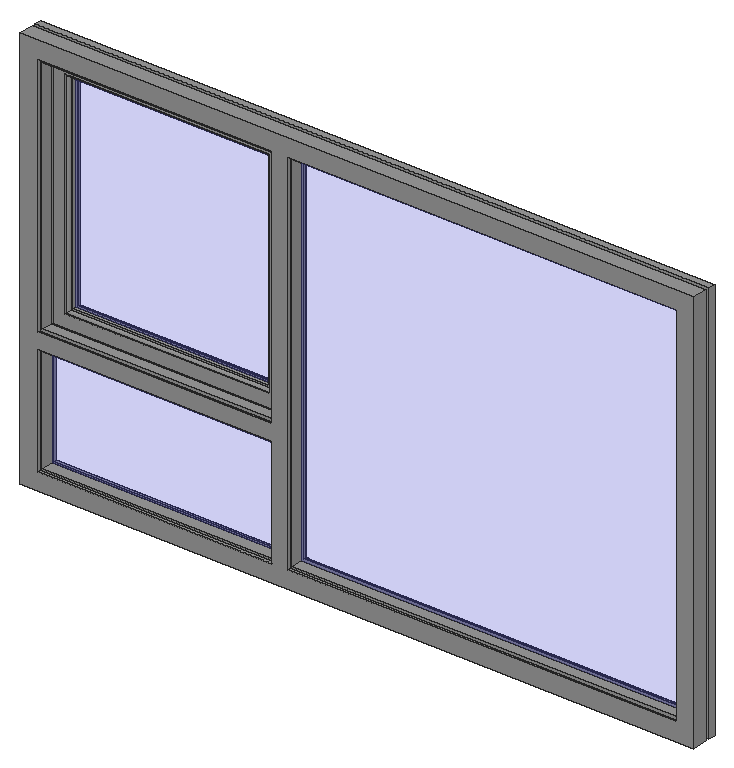
Revit family "MF15 RH", category Windows, host Wall, Revit 2015
Parameters (values of type "MF15 RH")
  Sash Width = 600 mm
  Sash Height = 622 mm
  Height = 900 mm
  Default Lintel Height = 2100 mm
  Wall Closure = By host
  Width = 1500 mm
Reference planes
  plane 1 "Center (Front/Back)": y = 0
  plane 2 "Center (Left/Right)": x = 0
  plane 3 "Left": x = -750
  plane 4 "Right": x = 750
  plane 5 "Sill": z = 1200
  plane 6 "Head": z = 2100
  plane 7 "Exterior": y = 100
  plane 8 "Interior": y = -100
  plane 9: y = -28.5
  plane 10: y = 23.5
  plane 11: z = 1478
  plane 12: x = -150
Forms (mm)
  Sweep 1, solid, material "Lauan, Meranti"
    path origin (0, 100, 0) x (1, 0, 0) y (0, 0, 1)
      loop
        line (750, 2100) -> (-750, 2100) -> (-750, 1200) -> (750, 1200) -> (750, 2100)
    profile origin (0, 100, 2100) x (0, 0, -1) y (0, -1, 0)
      loop
        line (0, 71.5) -> (29, 71.5) -> (29, 96.5) -> (37.5, 96.5) -> (37.5, 102.5) -> (40.5, 102.5) -> (40.5, 96.5) -> (44, 96.5) -> (44, 122.5) -> (39, 122.5) -> (39, 128.5) -> (0, 128.5) -> (0, 94.5) -> (10, 94.5) -> (10, 86.5) -> (0, 86.5) -> (0, 71.5)
  Extrusion 2, solid, material "Glass"
    sketch origin (10500, 3.5, 2100) x (0, 0, -1) y (-1, 0, 0)
      loop
        line (29, 10665) -> (29, 9779) -> (871, 9779) -> (871, 10665) -> (29, 10665)
    from 0 to 6.4
  Sweep 3, solid, material "Lauan, Meranti"
    path origin (10500, 23.5, 2100) x (0, 0, -1) y (-1, 0, 0)
      loop
        line (29, 10665) -> (29, 9779) -> (871, 9779) -> (871, 10665) -> (29, 10665)
    profile origin (278, 23.5, 2071) x (0, 0, -1) y (0, 1, 0)
      loop
        line (0, 1.4) -> (0, -13.6) -> (15, -13.6) -> (15, -8.6) -> (13, -8.6)
        arc (13, -8.6) -> (10.071, -1.529) -> (3, 1.4) r 10
        line (3, 1.4) -> (0, 1.4)
  Extrusion 4, solid, material "Lauan, Meranti"
    sketch origin (-208, 0, 1117) x (0, -1, 0) y (0, 0, -1)
      loop
        line (28.5, -366) -> (22.5, -366) -> (22.5, -361) -> (-3.5, -361) -> (-3.5, -364.5) -> (2.5, -364.5) -> (2.5, -367.5) -> (-3.5, -367.5) -> (-3.5, -376) -> (-28.5, -376) -> (-28.5, -390) -> (-3.5, -390) -> (-3.5, -398.5) -> (2.5, -398.5) -> (2.5, -401.5) -> (-3.5, -401.5) -> (-3.5, -405) -> (22.5, -405) -> (22.5, -400) -> (28.5, -400) -> (28.5, -366)
    from -513 to 29
  Extrusion 5, solid, material "Lauan, Meranti"
    sketch origin (-172, 0, 0) x (1, 0, 0) y (0, 1, 0)
      loop
        line (22, -22.5) -> (22, 3.5) -> (18.5, 3.5) -> (18.5, -2.5) -> (15.5, -2.5) -> (15.5, 3.5) -> (7, 3.5) -> (7, 28.5) -> (-7, 28.5) -> (-7, 3.5) -> (-15.5, 3.5) -> (-15.5, -2.5) -> (-18.5, -2.5) -> (-18.5, 3.5) -> (-22, 3.5) -> (-22, -22.5) -> (-17, -22.5) -> (-17, -28.5) -> (17, -28.5) -> (17, -22.5) -> (22, -22.5)
    from 1229 to 2071
  Extrusion 6, solid, material "Glass"
    sketch origin (10500, 3.5, 2100) x (0, 0, -1) y (-1, 0, 0)
      loop
        line (607, 11221) -> (607, 10679) -> (871, 10679) -> (871, 11221) -> (607, 11221)
    from 0 to 6.4
  Sweep 7, solid, material "Lauan, Meranti"
    path origin (10500, 23.5, 2100) x (0, 0, -1) y (-1, 0, 0)
      loop
        line (607, 11221) -> (607, 10679) -> (871, 10679) -> (871, 11221) -> (607, 11221)
    profile origin (-450, 23.5, 1493) x (0, 0, -1) y (0, 1, 0)
      loop
        line (3, 1.4) -> (0, 1.4) -> (0, -13.6) -> (15, -13.6) -> (15, -8.6) -> (13, -8.6)
        arc (13, -8.6) -> (10.071, -1.529) -> (3, 1.4) r 10
  Sweep 8, solid, material "Rubber"
    path origin (10500, 23.5, 2100) x (0, 0, -1) y (-1, 0, 0)
      loop
        line (29, 11221) -> (29, 10679) -> (593, 10679) -> (593, 11221) -> (29, 11221)
    profile origin (-450, 23.5, 2071) x (0, 0, -1) y (0, 1, 0)
      loop
        line (9, -22.43) -> (8, -22.43) -> (9, -22.698) -> (9, -24.464) -> (8, -24.464) -> (10, -25) -> (12, -24.464) -> (11, -24.464) -> (11, -22.698) -> (12, -22.43) -> (11, -22.43) -> (11, -20) -> (15, -20) -> (15, -17) -> (10, -15) -> (5, -17) -> (5, -20) -> (9, -20) -> (9, -22.43)
  Sweep 9, solid, material "Lauan, Meranti"
    path origin (10500, 23.5, 2100) x (0, 0, -1) y (-1, 0, 0)
      loop
        line (29, 11221) -> (29, 10679) -> (593, 10679) -> (593, 11221) -> (29, 11221)
    profile origin (-450, 23.5, 2071) x (0, 0, -1) y (0, 1, 0)
      loop
        line (-5, 5) -> (12, 5) -> (12, -2) -> (14, -2.536) -> (14, -7.464) -> (12, -8) -> (12, -13) -> (10, -13) -> (10, -17) -> (43, -17) -> (43, -14)
        arc (43, -14) -> (47.243, -12.243) -> (49, -8) r 6
        line (49, -8) -> (52, -8) -> (52, 0) -> (43, 0) -> (43, 25) -> (1, 25)
        arc (1, 25) -> (-3.242, 23.243) -> (-5, 19) r 6
        line (-5, 19) -> (-5, 5)
  Extrusion 10, solid, material "Glass"
    sketch origin (10500, 23.5, 2100) x (0, 0, -1) y (-1, 0, 0)
      loop
        line (72, 11178) -> (72, 10722) -> (550, 10722) -> (550, 11178) -> (72, 11178)
    from 0 to 6.4
  Sweep 11, solid, material "Lauan, Meranti"
    path origin (0, 100, 0) x (-1, 0, 0) y (0, 0, -1)
      loop
        line (678, -2028) -> (678, -1550) -> (222, -1550) -> (222, -2028) -> (678, -2028)
    profile origin (-450, 100, 2028) x (0, 0, 1) y (0, -1, 0)
      loop
        line (0, 62.1) -> (0, 70.1) -> (-9, 70.1) -> (-9, 68.1) -> (-7, 68.1)
        arc (-7, 68.1) -> (-4.67, 63.734) -> (0, 62.1) r 6.807
Cuts and joins
  joined: Sweep 1, Extrusion 4, Extrusion 5
Lines and regions (mm)
  Opening 1
    outline origin (3500, -100, 0) x (1, 0, 0) y (0, 0, 1)
      loop
        line (-2750, 1200) -> (-2750, 2100) -> (-4250, 2100) -> (-4250, 1200) -> (-2750, 1200)
  model lines
    curve 1: line (-726, 48.5, 2076) -> (-450, 48.5, 1502)
    curve 2: line (-450, 48.5, 1502) -> (-173.918, 48.5, 2076.08)
Text (mm)
  text "EXTERIOR" at (-1963.203, 1332.353, 0), in view "Ref. Level"
  text "INTERIOR" at (-1981.466, -818.386, 0), in view "Ref. Level"
  text "Exterior" at (0, 923.751, 2943.296), in view "Right"
  text "Exterior" at (0, 1040.484, 2685.409), in view "Left"
Dimensions and locks
  equal spacing: plane 3 "Left", plane 2 "Center (Left/Right)", plane 4 "Right"
  "Width": plane 3 "Left" to plane 4 "Right"
  "Height": plane 5 "Sill" to plane 6 "Head"
  "Default Lintel Height": plane 6 "Head" to level
  locked: plane 7 "Exterior" to host wall at 0
  locked: plane 8 "Interior" to host wall
  locked: plane 10 to plane 9 at 52
  "Sash Height": plane 11 to plane 6 "Head"
  "Sash Width": plane 12 to plane 3 "Left"
  aligned and locked: Sweep 1 sketch curve to host wall  (x4)
  aligned and locked: Sweep 3 sketch curve to Extrusion 2
  aligned and locked: Extrusion 5 to Extrusion 4
  aligned and locked: Sweep 7 sketch curve to Extrusion 4
  aligned and locked: Sweep 7 sketch curve to Extrusion 6
  aligned and locked: Sweep 7 sketch curve to Extrusion 5
  aligned and locked: Extrusion 4 to Sweep 7 sketch curve
  aligned and locked: Sweep 8 sketch curve to Extrusion 5
  aligned and locked: Extrusion 4 to Sweep 8 sketch curve
  aligned and locked: Sweep 9 to Extrusion 10 sketch curve  (x2)
  aligned and locked: Extrusion 10 sketch curve to Sweep 9  (x2)
  aligned and locked: Sweep 11 sketch curve to Sweep 9  (x4)
  aligned and locked: Sweep 9 sketch curve to Extrusion 5
  aligned and locked: Extrusion 4 to Sweep 9 sketch curve
Automatic sketch dimensions
  plane 3 "Left" to Opening 1 sketch curve = 0 mm
  plane 4 "Right" to Opening 1 sketch curve = 0 mm
  Opening 1 sketch curve to plane 5 "Sill" = 0 mm
  Opening 1 sketch curve to plane 6 "Head" = 0 mm
  Sweep 1 sketch curve to profile plane = 0 mm  (x2)
  Sweep 1 sketch curve to profile plane = 10 mm
  Sweep 1 sketch curve to Sweep 1 sketch curve = 19 mm
  Sweep 1 sketch curve to Sweep 1 sketch curve = 8.5 mm
  Sweep 1 sketch curve to Sweep 1 sketch curve = 1.5 mm
  Sweep 1 sketch curve to Sweep 1 sketch curve = 3 mm
  Sweep 1 sketch curve to Sweep 1 sketch curve = 3.5 mm
  plane 7 "Exterior" to Sweep 1 sketch curve = 71.5 mm
  Sweep 1 sketch curve to Sweep 1 sketch curve = 15 mm
  Sweep 1 sketch curve to Sweep 1 sketch curve = 8 mm
  Sweep 1 sketch curve to Sweep 1 sketch curve = 25 mm
  Sweep 1 sketch curve to Sweep 1 sketch curve = 0 mm
  Sweep 1 sketch curve to Sweep 1 sketch curve = 6 mm
  Sweep 1 sketch curve to Sweep 1 sketch curve = 20 mm
  Sweep 1 sketch curve to Sweep 1 sketch curve = 34 mm
  curve 2 to plane 11 = 24 mm
  curve 2 to plane 3 "Left" = 300 mm
  curve 1 to plane 3 "Left" = 24 mm
  curve 2 to plane 12 = 23.918 mm
  plane 6 "Head" to curve 1 = 24 mm
  plane 6 "Head" to curve 2 = 23.92 mm
  plane 6 "Head" to Extrusion 2 sketch curve = 29 mm
  Extrusion 2 sketch curve to plane 5 "Sill" = 29 mm
  plane 4 "Right" to Extrusion 2 sketch curve = 29 mm
  Extrusion 2 sketch curve to plane 12 = 15 mm
  Sweep 3 sketch curve to plane 5 "Sill" = 29 mm
  plane 4 "Right" to Sweep 3 sketch curve = 29 mm
  Sweep 3 sketch curve to plane 12 = 15 mm
  Sweep 3 sketch curve to profile plane = 0 mm
  profile plane to Sweep 3 sketch curve = 1.4 mm
  Sweep 3 sketch curve to Sweep 3 sketch curve = 3 mm
  Sweep 3 sketch curve to profile plane = 8.6 mm
  Sweep 3 sketch curve to Sweep 3 sketch curve = 2 mm
  Sweep 3 sketch curve to Sweep 3 sketch curve = 5 mm
  plane 11 to Extrusion 4 sketch curve = 0 mm
  Extrusion 4 sketch curve to plane 9 = 0 mm
  plane 9 to Extrusion 4 sketch curve = 6 mm  (x2)
  host wall to Extrusion 4 sketch curve = 2.5 mm  (x2)
  Extrusion 4 sketch curve to host wall = 3.5 mm  (x3)
  Extrusion 4 sketch curve to Extrusion 4 sketch curve = 0 mm
  plane 10 to Extrusion 4 sketch curve = 5 mm
  Extrusion 4 sketch curve to plane 11 = 3.5 mm
  Extrusion 4 sketch curve to plane 11 = 5 mm
  Extrusion 4 sketch curve to Extrusion 4 sketch curve = 3 mm  (x2)
  Extrusion 4 sketch curve to Extrusion 4 sketch curve = 8.5 mm  (x2)
  Extrusion 4 sketch curve to Extrusion 4 sketch curve = 14 mm
  Extrusion 4 sketch curve to Extrusion 4 sketch curve = 1.5 mm
  Extrusion 4 sketch curve to Extrusion 4 sketch curve = 5 mm
  Extrusion 5 sketch curve to plane 9 = 0 mm
  Extrusion 5 sketch curve to plane 12 = 0 mm
  Extrusion 5 sketch curve to plane 12 = 3.5 mm
  Extrusion 5 sketch curve to Extrusion 5 sketch curve = 5 mm
  Extrusion 5 sketch curve to Extrusion 5 sketch curve = 3 mm  (x2)
  plane 10 to Extrusion 5 sketch curve = 5 mm
  Extrusion 5 sketch curve to plane 12 = 15 mm
  Extrusion 5 sketch curve to Extrusion 5 sketch curve = 14 mm
  host wall to Extrusion 5 sketch curve = 2.5 mm  (x2)
  Extrusion 5 sketch curve to Extrusion 5 sketch curve = 8.5 mm
  Extrusion 5 sketch curve to Extrusion 5 sketch curve = 1.5 mm
  Extrusion 5 sketch curve to Extrusion 5 sketch curve = 3.5 mm
  plane 9 to Extrusion 5 sketch curve = 6 mm  (x2)
  Extrusion 5 sketch curve to host wall = 3.5 mm  (x3)
  Extrusion 5 sketch curve to Extrusion 5 sketch curve = 0 mm
  Extrusion 6 sketch curve to plane 11 = 15 mm
  Extrusion 6 sketch curve to plane 5 "Sill" = 29 mm
  Extrusion 6 sketch curve to plane 12 = 29 mm
  Extrusion 6 sketch curve to plane 3 "Left" = 29 mm
  Sweep 7 sketch curve to profile plane = 0 mm
  profile plane to Sweep 7 sketch curve = 1.4 mm
  Sweep 7 sketch curve to Sweep 7 sketch curve = 3 mm
  Sweep 7 sketch curve to profile plane = 8.6 mm
  Sweep 7 sketch curve to Sweep 7 sketch curve = 2 mm
  Sweep 7 sketch curve to Sweep 7 sketch curve = 5 mm
  plane 6 "Head" to Sweep 8 sketch curve = 29 mm
  Sweep 8 sketch curve to plane 3 "Left" = 29 mm
  Sweep 8 sketch curve to profile plane = 5 mm
  Sweep 8 sketch curve to Sweep 8 sketch curve = 3 mm  (x4)
  Sweep 8 sketch curve to Sweep 8 sketch curve = 0 mm  (x4)
  Sweep 8 sketch curve to Sweep 8 sketch curve = 1 mm  (x6)
  Sweep 8 sketch curve to profile plane = 25 mm
  Sweep 8 sketch curve to Sweep 8 sketch curve = 0.536 mm  (x2)
  Sweep 8 sketch curve to Sweep 8 sketch curve = 1.766 mm  (x2)
  Sweep 8 sketch curve to Sweep 8 sketch curve = 0.268 mm  (x2)
  Sweep 8 sketch curve to Sweep 8 sketch curve = 2.43 mm
  Sweep 8 sketch curve to Sweep 8 sketch curve = 5 mm
  plane 6 "Head" to Sweep 9 sketch curve = 29 mm
  Sweep 9 sketch curve to plane 3 "Left" = 29 mm
  Sweep 9 sketch curve to profile plane = 0 mm
  profile plane to Sweep 9 sketch curve = 5 mm  (x2)
  Sweep 9 sketch curve to profile plane = 1 mm
  Sweep 9 sketch curve to profile plane = 10 mm
  Sweep 9 sketch curve to profile plane = 2 mm
  Sweep 9 sketch curve to Sweep 9 sketch curve = 2 mm  (x3)
  Sweep 9 sketch curve to profile plane = 14 mm
  Sweep 9 sketch curve to Sweep 9 sketch curve = 29 mm
  Sweep 9 sketch curve to Sweep 9 sketch curve = 0 mm
  Sweep 9 sketch curve to Sweep 9 sketch curve = 6 mm
  Sweep 9 sketch curve to Sweep 9 sketch curve = 3 mm  (x2)
  Sweep 9 sketch curve to Sweep 9 sketch curve = 4 mm
  Sweep 9 sketch curve to Sweep 9 sketch curve = 5 mm
  Sweep 9 sketch curve to Sweep 9 sketch curve = 0.536 mm  (x2)
  Sweep 9 sketch curve to Sweep 9 sketch curve = 14 mm
  profile plane to Sweep 11 sketch curve = 0 mm
  profile plane to Sweep 11 sketch curve = 0.241 mm
  Sweep 11 sketch curve to Sweep 11 sketch curve = 6.759 mm
  Sweep 11 sketch curve to Sweep 11 sketch curve = 2 mm  (x2)
  profile plane to Sweep 11 sketch curve = 62.1 mm
  Sweep 11 sketch curve to Sweep 11 sketch curve = 6 mm
